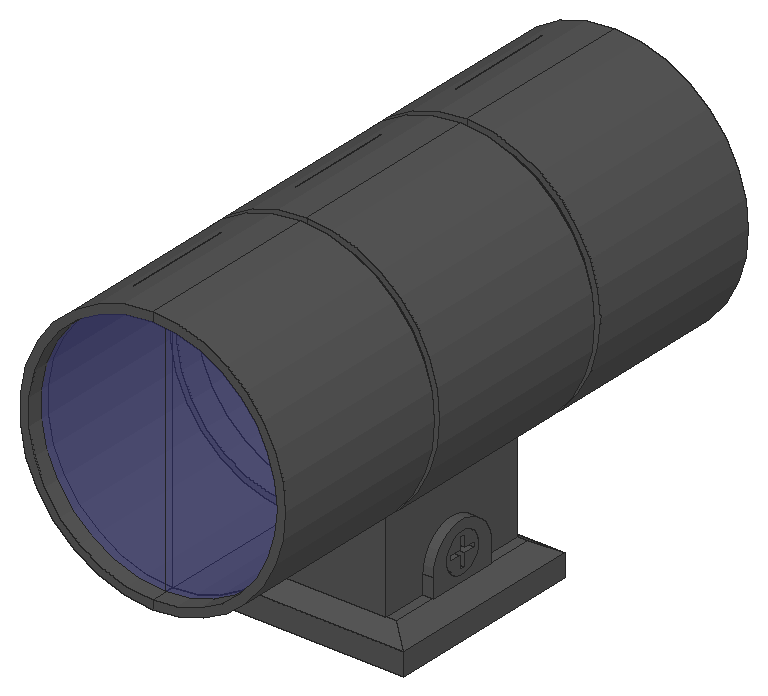
Revit family "CARLO CYLINDER LIGHT WALL MOUNT", category Lighting Fixtures, host Face, Revit 2020 (continued)
Types (10): name | Wattage_Input | Wattage Comments | Wattage | Photometric Web File | built-in parameter 1150142 | Model | built-in parameter 1150105 | Lumens | Light Length 1 | LIGHT RADIUS | LIGHT PLACEMENT | LIGHT LENGTH | LIGHT DIA | built-in parameter 1150106 | FIXED END HEIGHT | Curve base Height | Base Curve | BEAMING ANGLE | Apparent Load
    8 0.26605 0.29512 0.32515 \r\n 0.35534 0.38411 0.41394 0.44808 0.4827 0.51451 0.54524 0.57467 0.60538 0.64132 \r\n 0.67815 0.71226 0.74551 0.77793 0.81146 0.85148 0.89328 0.93348 0.97341 1.012 \r\n 1.0532 1.1017 1.1532 1.2041 1.2577 1.3174 1.3805 1.4453 1.513 1.5839 \r\n 1.6594 1.7404 1.8288 1.9282 2.0346 2.1419 2.2599 2.3978 2.5516 2.7181 \r\n 2.9048 3.1169 3.3573 3.6257 3.936 4.3024 4.7234 5.2044 5.7397 6.3288 \r\n 6.9613 7.6236 8.3246 9.0633 9.8554 10.732 11.646 12.545 13.47 14.438 \r\n 15.465 16.579 17.761 18.982 20.295 21.615 23.326 26.016 28.997 31.629 \r\n 34.356 37.443 40.786 43.771 48.203 54.94 66.213 86.215 109.91 132.89 \r\n 157.47 185.01 213.91 242.82 272.34 303.27 333.7 362.03 388.02 411.34 \r\n 430.69 444.03 453.21 458.82 462.57 466.58 470.29 473.85 477.21 480.3 \r\n 483.35 486.61 489.92 493.25 496.53 499.7 502.77 505.67 508.55 511.52 \r\n 514.63 518 521.62 525.43 529.67 534.55 540.08 546.12 553.22 561.79 \r\n 572.02 584.11 598.37 614.99 634.55 657.39 684.35 715.81 753.44 797.82 \r\n 852.63 924.03 1005.2 1090.7 1182.8 1278.4 1387.4 1520.6 1672 1840.6 \r\n 2022.2 2213.1 2410 2607.7 2807.9 3011 3216 3424.7 3630.4 3826.3 \r\n 4014.7 4196.7 4368.5 4525.7 4671.4 4807.8 4932.9 5046.8 5145.6 5222.8 \r\n 5286.5 5343.6 5392.2 5433.7 5465.3 5484 5492 5491.6 5480.2 5455.7 \r\n 5509.6 \r\n5444.5 5464.3 5456 5441.2 5416.3 5378.9 5326.8 5256.7 5169.6 5065 \r\n 4944.4 4808.5 4658.8 4497.2 4323.1 4135.4 3937.3 3730.3 3519 3309.2 \r\n 3098.7 2887.1 2675.1 2459.5 2251.7 2064.5 1891.5 1730.1 1581.8 1447.5 \r\n 1326.1 1215.8 1118.7 1038.7 968.86 901.82 842.51 794.67 754.5 719.42 \r\n 689.58 664.52 643.43 625.46 610.34 597.72 587.03 577.56 569.36 562.39 \r\n 556.22 550.28 544.9 540.38 536.29 532.37 528.51 524.41 520.34 516.5 \r\n 512.88 509.65 506.52 503.19 499.97 497.17 494.55 491.93 489.42 487.06 \r\n 484.92 483.24 481.54 479.39 476.81 473.46 469.94 468.15 463.92 453.22 \r\n 437.57 416.7 392 364.54 335.05 304.56 273.18 241.1 209.06 177.69 \r\n 147.46 118.31 92.451 72.575 57.114 45.53 37.43 32.754 29.963 27.337 \r\n 25.361 24.101 23.083 21.753 20.426 19.274 18.185 17.094 16.032 15.014 \r\n 14.017 13.019 12.03 11.037 10.09 9.2481 8.4632 7.6906 6.9774 6.3679 \r\n 5.8251 5.3209 4.8735 4.4998 4.1759 3.8848 3.6226 3.3763 3.1551 2.967 \r\n 2.8015 2.6503 2.515 2.3953 2.2878 2.1888 2.0976 2.0121 1.9328 1.861 \r\n 1.7923 1.7208 1.652 1.5909 1.5328 1.4744 1.4165 1.3571 1.3014 1.2566 \r\n 1.2156 1.1724 1.1305 1.0921 1.0543 1.0134 0.97332 0.93883 0.90525 0.86847 \r\n 0.83159 0.79694 0.76266 0.72551 0.69205 0.67116 0.65269 0.6273 0.60154 0.58312 \r\n 0.55931 0.5172 0.46503 0.40535 0.34231 0.27931 0.22103 0.17415 0.13596 0.11988 \r\n 0.11738 0.12549 0.14091 0.1592 0.1809 0.20643 0.23175 0.25887 0.28715 0.31717 \r\n 0.34748 0.37595 0.40522 0.43839 0.47203 0.50335 0.53362 0.56211 0.59199 0.62798 \r\n 0.66472 0.69738 0.72909 0.76102 0.7943 0.83503 0.87787 0.91898 0.96002 1.0002 \r\n 1.043 1.0929 1.1452 1.1952 1.2478 1.3082 1.3716 1.4333 1.4971 1.5654 \r\n 1.6377 1.7134 1.7967 1.8937 1.9978 2.1005 2.2128 2.3446 2.4904 2.645 \r\n 2.8183 3.0178 3.2465 3.5085 3.8082 4.148 4.5382 4.9931 5.5037 6.0704 \r\n 6.6783 7.3047 7.9727 8.6987 9.4797 10.33 11.214 12.091 12.993 13.938 \r\n 14.937 16.014 17.155 18.345 19.613 20.851 22.46 25.04 27.889 30.362 \r\n 32.89 35.687 38.753 41.861 45.904 50.448 59.236 77.944 100.34 120.82 \r\n 143.15 170.09 199.06 228.12 258.12 289.96 321.53 351.02 378.37 403.3 \r\n 424.61 440.81 452.56 459.14 463.15 467.07 470.54 474.15 477.57 480.55 \r\n 483.42 486.48 489.58 492.66 495.73 498.78 501.77 504.62 507.49 510.5 \r\n 513.64 516.88 520.35 524.11 528.31 533.13 538.55 544.45 551.33 559.61 \r\n 569.46 581.07 594.77 610.78 629.62 651.63 677.6 707.84 743.99 785.84 \r\n 839.15 913.33 997.1 1081.2 1168.9 1255.5 1355.2 1483.9 1632.2 1797.5 \r\n 1975.5 2161.7 2354.5 2550.3 2750.3 2955.1 3162.2 3370.5 3575.4 3771 \r\n 3959.6 4143.6 4317.8 4476.5 4624.4 4765 4895.2 5014.4 5118.2 5199.1 \r\n 5265.7 5324.4 5374.7 5418.9 5453.8 5476.4 5488 5489.3 5479.3 5457.6 \r\n 5509.6 \r\n5444.5 5455.2 5442.9 5424.9 5396.6 5354.5 5297.5 5223 5131.9 5023.8 \r\n 4899.8 4760.1 4606.5 4440.7 4262.9 4073.4 3873.9 3663.7 3449.8 3240.2 \r\n 3031.1 2821.3 2611.3 2397.1 2191.5 2008.5 1840.2 1682.6 1538.2 1408.6 \r\n 1291.8 1186 1092.1 1011.5 941.45 879.16 825.29 780.22 741.94 708.56 \r\n 680.16 656.49 636.63 619.64 605.32 593.31 583.09 574.01 566.11 559.29 \r\n 553.25 547.56 542.44 538.08 534.11 530.28 526.47 522.38 518.35 514.68 \r\n 511.24 508.06 504.91 501.46 498.11 495.25 492.63 490.08 487.69 485.45 \r\n 483.45 481.98 480.42 478.25 475.6 472.33 468.79 466.74 461.73 449.05 \r\n 431.25 409.03 383.3 354.96 324.73 293.56 261.75 229.75 198.03 167.04 \r\n 137.31 108.79 83.613 64.106 49.59 41.033 35.831 31.621 28.657 26.451 \r\n 24.861 23.665 22.614 21.288 19.97 18.846 17.791 16.731 15.689 14.664 \r\n 13.658 12.676 11.708 10.726 9.7896 8.9686 8.2069 7.4536 6.7618 6.1838 \r\n 5.6718 5.187 4.7545 4.3946 4.0826 3.8012 3.5489 3.3167 3.1085 2.9275 \r\n 2.7663 2.6178 2.4839 2.3654 2.2587 2.1603 2.0698 1.986 1.9083 1.8366 \r\n 1.768 1.6981 1.6305 1.5679 1.5079 1.4493 1.3916 1.3316 1.2757 1.2313 \r\n 1.1916 1.1515 1.1127 1.0765 1.0398 0.99773 0.9566 0.92353 0.89144 0.85394 \r\n 0.81604 0.78166 0.74775 0.70957 0.67605 0.65975 0.64491 0.61532 0.58492 0.56975 \r\n 0.54734 0.49275 0.42944 0.37702 0.32212 0.25066 0.18448 0.14675 0.11943 0.097033 \r\n 0.086864 0.097696 0.11965 0.14756 0.17603 0.20098 0.22489 0.25082 0.27816 0.30806 \r\n 0.3384 0.36648 0.39514 0.42737 0.46007 0.49083 0.52058 0.54827 0.57744 0.61333 \r\n 0.64979 0.68102 0.71126 0.74278 0.77584 0.81678 0.86011 0.90181 0.9438 0.9858 \r\n 1.0303 1.0813 1.1341 1.1833 1.2351 1.2961 1.3593 1.4181 1.4783 1.5438 \r\n 1.6132 1.6839 1.7623 1.8565 1.9577 2.0561 2.163 2.2886 2.4265 2.5697 \r\n 2.7306 2.9181 3.1355 3.3905 3.6791 3.993 4.3529 4.7801 5.2643 5.8091 \r\n 6.3934 6.985 7.6209 8.3347 9.1045 9.927 10.781 11.636 12.517 13.437 \r\n 14.408 15.446 16.546 17.705 18.93 20.089 21.594 24.042 26.746 29.089 \r\n 31.454 33.974 36.776 40.01 43.737 46.446 53.005 70.082 90.772 108.77 \r\n 128.94 155.19 184.11 213.29 243.71 276.32 308.87 339.4 368 394.44 \r\n 417.67 436.7 451.09 458.96 463.56 467.51 470.79 474.42 477.85 480.74 \r\n 483.46 486.32 489.2 492.06 494.92 497.85 500.77 503.58 506.44 509.5 \r\n 512.66 515.78 519.11 522.81 526.97 531.7 537.01 542.74 549.4 557.36 \r\n 566.8 577.89 590.97 606.3 624.36 645.49 670.38 699.32 733.86 773.17 \r\n 824.7 900.67 985.92 1068 1151.1 1229.4 1320.8 1444.9 1589.7 1751.1 \r\n 1925.1 2106.4 2295.1 2489.2 2688.9 2895.4 3104.1 3311.7 3515.6 3711.1 \r\n 3900.5 4086.4 4263.1 4423.6 4573.7 4718.5 4853.7 4978.3 5087.3 5172.5 \r\n 5242.6 5303.7 5355.9 5403 5441.1 5467.6 5482.9 5486.1 5478 5459.2 \r\n 5509.6 \r\n5444.5 5446.1 5429.2 5407 5374.4 5326.8 5264 5184 5087.6 4974.5 \r\n 4845.9 4702.4 4544.9 4374.1 4191.6 3999.1 3797.2 3584.7 3369.1 3159.1 \r\n 2950.6 2742.3 2534.6 2323.7 2122.1 1943.6 1780.3 1627.6 1488.8 1367.1 \r\n 1258 1157.6 1067.1 985.75 914.82 856.4 807.16 764.7 728.41 696.93 \r\n 670.18 647.93 629.26 613.27 599.74 588.33 578.6 570.06 562.61 556.04 \r\n 550.22 544.92 540.17 536.04 532.23 528.52 524.82 520.83 516.92 513.4 \r\n 510.09 506.93 503.75 500.2 496.75 493.82 491.15 488.59 486.18 483.92 \r\n 481.84 480.18 478.42 476.12 473.35 470.13 466.22 462.62 455.59 440.78 \r\n 420.99 397.32 370.51 341.46 310.74 279.03 246.91 215.03 183.91 154.33 \r\n 126.18 98.709 74.626 56.695 43.986 37.599 34.214 30.492 27.593 25.731 \r\n 24.41 23.228 22.119 20.817 19.532 18.427 17.386 16.344 15.315 14.288 \r\n 13.279 12.309 11.359 10.399 9.4848 8.6811 7.9378 7.2095 6.5452 5.9948 \r\n 5.5095 5.0497 4.6383 4.2915 3.99 3.7207 3.4806 3.2621 3.0663 2.8938 \r\n 2.7387 2.5948 2.4643 2.3484 2.2437 2.1475 2.0588 1.976 1.8989 1.8274 \r\n 1.7589 1.6903 1.6238 1.5605 1.4997 1.4413 1.3843 1.3256 1.2703 1.2242 \r\n 1.1828 1.1443 1.1074 1.071 1.0335 0.99078 0.949 0.91507 0.88224 0.84461 \r\n 0.80661 0.77175 0.73773 0.70097 0.66881 0.65234 0.63661 0.60588 0.57353 0.55492 \r\n 0.5284 0.46876 0.40199 0.35164 0.29989 0.22812 0.16231 0.13024 0.10798 0.078942 \r\n 0.061176 0.071955 0.097064 0.13327 0.16491 0.18958 0.21215 0.23687 0.26314 0.29269 \r\n 0.32277 0.35009 0.37796 0.4097 0.44192 0.47189 0.50088 0.52812 0.55691 0.59233 \r\n 0.62823 0.65863 0.68807 0.71919 0.75173 0.79142 0.83352 0.87455 0.91654 0.96009 \r\n 1.006 1.0565 1.1083 1.1575 1.2093 1.27 1.3324 1.3896 1.4478 1.5116 \r\n 1.579 1.6472 1.7226 1.8137 1.9117 2.0073 2.1109 2.2315 2.3635 2.5 \r\n 2.6534 2.8325 3.0406 3.2868 3.5636 3.859 4.1962 4.596 5.0537 5.5814 \r\n 6.1493 6.7159 7.3286 8.0333 8.7932 9.5882 10.414 11.256 12.126 13.025 \r\n 13.969 14.975 16.043 17.181 18.378 19.491 20.922 23.229 25.802 28.135 \r\n 30.478 32.835 35.434 38.623 42.05 43.844 48.909 63.546 81.69 97.819 \r\n 116.61 142.06 170.66 199.97 230.73 263.56 296.46 327.62 357.13 384.82 \r\n 409.7 431.12 447.94 457.74 463.67 467.86 470.93 474.41 477.69 480.56 \r\n 483.26 485.99 488.71 491.43 494.19 497.04 499.92 502.74 505.62 508.7 \r\n 511.86 514.93 518.19 521.84 525.92 530.56 535.74 541.3 547.73 555.4 \r\n 564.47 575.12 587.67 602.38 619.72 640.05 664 691.8 724.94 762.42 \r\n 811.9 885.86 968.87 1048.1 1128.1 1203 1290.7 1411.5 1552.9 1710.5 \r\n 1880.7 2058.2 2243.8 2437.4 2637.4 2843.8 3052.2 3258.2 3460.8 3656.9 \r\n 3847.6 4035.3 4213.9 4375.8 4527.6 4674.9 4813.2 4941.9 5055.5 5145.7 \r\n 5220.4 5284.2 5338.6 5387.8 5428.2 5457.7 5476 5481.5 5475.7 5459.8 \r\n 5509.6 \r\n5444.5 5437 5415.1 5387.9 5350 5296.3 5227 5140.4 5037.4 4917.7 \r\n 4783.2 4635.8 4474.6 4298.1 4109.8 3913 3708 3494 3277.7 3066.7 \r\n 2857.9 2650.5 2445.5 2239.6 2043.8 1870.1 1711.9 1565.2 1433.8 1322.9 \r\n 1224.2 1130.2 1043.2 961.2 889.15 833.65 788.14 748.1 713.91 684.55 \r\n 659.67 638.87 621.37 606.36 593.64 582.82 573.62 565.75 558.92 552.72 \r\n 547.23 542.41 538.13 534.29 530.69 527.14 523.57 519.79 516.07 512.67 \r\n 509.42 506.26 503.04 499.42 495.88 492.9 490.16 487.49 484.93 482.49 \r\n 480.13 477.89 475.57 473.04 470.09 466.83 462.17 455.78 445.54 428.51 \r\n 406.92 381.72 353.78 324.22 293.25 261.15 228.87 197.16 166.91 139.71 \r\n 114.19 88.21 65.661 50.491 40.405 35.256 32.542 29.335 26.764 25.162 \r\n 23.985 22.773 21.599 20.34 19.112 18.015 16.971 15.932 14.908 13.885 \r\n 12.883 11.92 10.984 10.056 9.1755 8.3857 7.6558 6.9584 6.3272 5.7998 \r\n 5.3369 4.9076 4.5237 4.1899 3.8976 3.6428 3.4174 3.2119 3.0276 2.8646 \r\n 2.7176 2.5804 2.4553 2.3435 2.2421 2.1497 2.064 1.9817 1.9043 1.8328 \r\n 1.7647 1.6971 1.6314 1.5684 1.5079 1.4503 1.3944 1.3386 1.2849 1.2348 \r\n 1.1891 1.1504 1.1139 1.0753 1.0353 0.99247 0.95032 0.91317 0.87735 0.84023 \r\n 0.80306 0.76699 0.73241 0.69942 0.66996 0.64856 0.62746 0.59878 0.56734 0.53878 \r\n 0.50283 0.44591 0.38359 0.32989 0.27599 0.21221 0.15515 0.12488 0.10133 0.065996 \r\n 0.04112 0.048035 0.071907 0.11074 0.14735 0.17214 0.1936 0.2172 0.24233 0.27126 \r\n 0.30074 0.32698 0.3539 0.38562 0.41782 0.44683 0.47483 0.50197 0.5307 0.5653 \r\n 0.60036 0.6306 0.65997 0.69065 0.7226 0.75964 0.79889 0.83802 0.87907 0.92381 \r\n 0.97076 1.019 1.0686 1.1184 1.1711 1.2306 1.2916 1.3485 1.4066 1.4697 \r\n 1.5363 1.6044 1.679 1.7666 1.861 1.9555 2.0579 2.175 2.3032 2.4378 \r\n 2.5888 2.7631 2.9641 3.1995 3.464 3.7486 4.0714 4.445 4.8769 5.3922 \r\n 5.9506 6.5025 7.1014 7.7998 8.5505 9.3192 10.12 10.959 11.827 12.707 \r\n 13.627 14.61 15.657 16.784 17.969 19.071 20.461 22.622 25.083 27.518 \r\n 29.974 32.293 34.762 37.727 40.859 42.652 46.978 58.467 73.329 88.246 \r\n 106.43 130.99 158.96 188.34 219.29 251.78 284.4 315.74 345.81 374.44 \r\n 400.68 423.97 442.93 455.25 463.24 467.93 470.86 474.07 477.04 479.98 \r\n 482.81 485.48 488.12 490.81 493.56 496.39 499.26 502.13 505.05 508.12 \r\n 511.26 514.35 517.62 521.2 525.19 529.73 534.77 540.16 546.37 553.79 \r\n 562.55 572.82 584.93 599.07 615.77 635.43 658.59 685.44 717.38 753.8 \r\n 801.01 869.18 946.17 1022.1 1100.5 1176.6 1265.6 1384.4 1522.6 1676.6 \r\n 1843.2 2017.8 2201.7 2395.8 2596.4 2801 3006.9 3210.5 3411.5 3608.7 \r\n 3801.5 3990.7 4170.6 4333.6 4486.5 4634.6 4774.3 4905.6 5022.9 5118.6 \r\n 5198.8 5266 5322.7 5373.3 5414.9 5446.5 5467.2 5475.4 5472.4 5459.3 \r\n 5509.6 \r\n5444.5 5428.3 5401.3 5369 5325.6 5265.7 5189.8 5096.5 4986.8 4860.6 \r\n 4720.3 4569.1 4404.1 4221.9 4028.1 3826.9 3618.8 3403.9 3187.6 2975.5 \r\n 2766.2 2559.7 2357.2 2156.6 1967 1798.2 1645 1504.2 1380.1 1280 \r\n 1191.6 1103.9 1020.4 938.05 865.14 812.2 769.93 732.16 699.99 672.67 \r\n 649.61 630.15 613.74 599.66 587.7 577.45 568.77 561.56 555.34 549.53 \r\n 544.38 540.05 536.22 532.66 529.27 525.87 522.45 518.9 515.39 512.09 \r\n 508.87 505.69 502.42 498.76 495.18 492.14 489.31 486.52 483.78 481.11 \r\n 478.41 475.53 472.56 469.76 466.54 463.03 457.35 447.79 434.05 414.81 \r\n 391.52 364.86 335.88 305.92 274.82 242.45 210.13 178.71 149.47 124.88 \r\n 102.27 78.081 57.343 45.147 37.728 33.449 31.006 28.275 26.074 24.682 \r\n 23.594 22.335 21.089 19.878 18.711 17.617 16.564 15.525 14.504 13.488 \r\n 12.494 11.537 10.614 9.7209 8.8758 8.0992 7.3819 6.7162 6.1184 5.6116 \r\n 5.1683 4.7692 4.4132 4.0918 3.8084 3.5676 3.3565 3.163 2.9893 2.8357 \r\n 2.6967 2.5666 2.4473 2.3395 2.2415 2.1533 2.0707 1.9887 1.9107 1.8395 \r\n 1.7718 1.705 1.6403 1.5778 1.5178 1.4609 1.4062 1.3535 1.3016 1.2473 \r\n 1.1967 1.1574 1.1207 1.0791 1.0364 0.99357 0.95129 0.91055 0.87138 0.83496 \r\n 0.79888 0.76153 0.72628 0.69737 0.67067 0.64323 0.61573 0.58961 0.55965 0.52001 \r\n 0.47391 0.42185 0.36615 0.30826 0.25134 0.19766 0.15132 0.12168 0.095262 0.055584 \r\n 0.024337 0.025603 0.045977 0.086668 0.12792 0.15341 0.17449 0.19721 0.22121 0.2493 \r\n 0.27795 0.30309 0.32913 0.3609 0.39315 0.42122 0.44828 0.47544 0.50419 0.53785 \r\n 0.57199 0.60222 0.63168 0.662 0.69335 0.72781 0.7642 0.80133 0.84129 0.88707 \r\n 0.93482 0.98058 1.0277 1.0783 1.1321 1.1902 1.2497 1.3066 1.3649 1.4276 \r\n 1.4937 1.5624 1.6367 1.7208 1.8114 1.9051 2.0067 2.1207 2.2456 2.3796 \r\n 2.5292 2.6996 2.894 3.118 3.3698 3.6457 3.9566 4.3054 4.7123 5.215 \r\n 5.7642 6.3042 6.8916 7.5825 8.3226 9.0663 9.844 10.681 11.548 12.411 \r\n 13.31 14.272 15.301 16.417 17.592 18.692 20.051 22.061 24.405 26.95 \r\n 29.539 31.865 34.25 36.971 39.857 41.982 45.882 54.193 65.688 79.501 \r\n 97.18 120.76 147.92 177.13 208.02 239.95 272.09 303.42 333.85 363.27 \r\n 390.7 415.61 436.57 451.58 461.93 467.45 470.51 473.52 476.21 479.26 \r\n 482.25 484.91 487.49 490.19 492.96 495.79 498.67 501.58 504.55 507.59 \r\n 510.7 513.83 517.12 520.64 524.52 528.95 533.85 539.06 545.06 552.21 \r\n 560.64 570.54 582.19 595.75 611.78 630.74 653.07 678.94 709.68 745.15 \r\n 789.94 851.26 921.18 993.28 1070.3 1149 1240.5 1357.2 1491.6 1641.5 \r\n 1804.3 1976 2158.1 2352.6 2553.5 2755.8 2958.6 3159.6 3359 3557.6 \r\n 3752.6 3943.2 4124.5 4288.9 4443.1 4591.8 4732.5 4866.2 4987.1 5088.6 \r\n 5174.7 5245.8 5305.5 5357.7 5400.6 5434.1 5457.2 5468.4 5468.6 5458.3 \r\n 5509.6 \r\n5444.5 5420 5388.1 5350.8 5302 5235.8 5153.5 5053.8 4937.8 4805.4 \r\n 4659.5 4504.4 4335.8 4148.4 3949.3 3744 3533 3318 3102.1 2889.2 \r\n 2679.4 2473.4 2273 2077.8 1894.3 1730.2 1581.8 1446.7 1329.5 1239.1 \r\n 1160.1 1078.3 998.32 916.22 843.08 792.43 752.95 717.28 687.02 661.61 \r\n 640.23 622.01 606.58 593.37 582.13 572.42 564.24 557.64 552 546.57 \r\n 541.75 537.87 534.46 531.14 527.93 524.68 521.41 518.09 514.78 511.56 \r\n 508.35 505.14 501.83 498.16 494.56 491.47 488.57 485.65 482.73 479.82 \r\n 476.75 473.2 469.57 466.47 462.89 458.85 451.88 439 421.72 400.32 \r\n 375.46 347.47 317.58 287.31 256.18 223.67 191.44 160.43 132.31 110.36 \r\n 90.711 68.615 49.947 40.698 35.775 32.07 29.62 27.316 25.497 24.265 \r\n 23.221 21.909 20.598 19.433 18.326 17.235 16.169 15.128 14.108 13.101 \r\n 12.119 11.169 10.258 9.3991 8.589 7.8257 7.1211 6.4863 5.9208 5.4322 \r\n 5.0061 4.6355 4.3063 3.9973 3.7226 3.495 3.297 3.1142 2.9501 2.8052 \r\n 2.674 2.5508 2.4373 2.3333 2.2385 2.1543 2.075 1.9933 1.9147 1.8439 \r\n 1.7768 1.7108 1.6469 1.585 1.5256 1.4694 1.4158 1.3661 1.3158 1.2578 \r\n 1.2025 1.1622 1.1247 1.0799 1.0343 0.99165 0.94947 0.90527 0.86287 0.82727 \r\n 0.79241 0.75385 0.71792 0.69285 0.66862 0.63485 0.60076 0.57721 0.54888 0.49842 \r\n 0.44268 0.39658 0.3485 0.28645 0.22645 0.18365 0.14863 0.11878 0.088775 0.045972 \r\n 0.0109 0.0060592 0.021325 0.062655 0.10756 0.1344 0.15609 0.17828 0.20123 0.22825 \r\n 0.2558 0.27994 0.30525 0.33704 0.36933 0.39657 0.42281 
    0.45004 0.47882 0.51151 \r\n 0.5447 0.57498 0.60463 0.63466 0.66544 0.69819 0.7319 0.76722 0.80611 0.85273 \r\n 0.90109 0.94441 0.98915 1.0406 1.0954 1.1522 1.2102 1.2672 1.326 1.3884 \r\n 1.4543 1.5237 1.598 1.6785 1.7652 1.8581 1.9591 2.0703 2.1924 2.326 \r\n 2.4746 2.6414 2.8292 3.0415 3.2806 3.5488 3.8493 4.1753 4.5586 5.0476 \r\n 5.5862 6.1156 6.6925 7.3735 8.1009 8.8213 9.5781 10.412 11.277 12.126 \r\n 13.006 13.95 14.961 16.065 17.229 18.335 19.668 21.526 23.748 26.38 \r\n 29.091 31.459 33.806 36.294 38.986 41.635 45.337 50.677 58.949 71.664 \r\n 88.767 111.29 137.48 166.2 196.68 227.92 259.48 290.63 321.25 351.29 \r\n 379.75 406.03 428.83 446.59 459.5 466.21 469.76 472.74 475.24 478.43 \r\n 481.6 484.28 486.85 489.59 492.39 495.24 498.13 501.08 504.07 507.08 \r\n 510.15 513.33 516.66 520.11 523.88 528.18 532.94 537.98 543.76 550.62 \r\n 558.71 568.21 579.37 592.32 607.65 625.85 647.3 672.13 701.61 736.13 \r\n 778.41 832.46 894.84 962.84 1038.3 1120.2 1214.7 1328.8 1458.8 1604.2 \r\n 1762.7 1931.3 2111.4 2305.7 2506.3 2705.8 2905.5 3103.9 3302 3501.8 \r\n 3698.9 3890.9 4073.7 4240 4396 4545.5 4687.3 4823.2 4947.5 5054.9 \r\n 5147.1 5222.9 5286.1 5340.4 5384.9 5420.5 5445.9 5460.4 5464.1 5457 \r\n 5509.6 \r\n5444.5 5412.5 5376 5333.8 5279.8 5207.8 5119.3 5013.7 4892 4754.1 \r\n 4603.2 4444.3 4272 4080 3876.5 3667.5 3454.2 3239.4 3024.5 2811.1 \r\n 2600.9 2395.2 2196.3 2005.9 1828.2 1668.6 1524.8 1394.9 1283.6 1201.1 \r\n 1129.6 1053 976.47 895.65 823.26 774.73 737.57 703.84 675.37 651.67 \r\n 631.79 614.65 600.09 587.68 577.11 567.92 560.21 554.15 549.01 543.94 \r\n 539.45 535.94 532.85 529.73 526.65 523.54 520.42 517.3 514.16 511 \r\n 507.78 504.53 501.17 497.53 493.95 490.84 487.87 484.85 481.77 478.63 \r\n 475.19 471.06 466.8 463.38 459.33 454.42 445.85 429.76 409.14 385.73 \r\n 359.43 330.27 299.64 269.14 238.06 205.53 173.53 143.08 116.15 96.656 \r\n 79.821 60.1 43.747 37.177 34.369 31.011 28.401 26.465 25.005 23.885 \r\n 22.851 21.493 20.133 19.011 17.958 16.867 15.79 14.747 13.729 12.733 \r\n 11.765 10.822 9.9238 9.096 8.3183 7.5691 6.8779 6.2726 5.7367 5.2639 \r\n 4.8525 4.5074 4.2027 3.9062 3.6406 3.4247 3.2379 3.0643 2.9084 2.7713 \r\n 2.6472 2.5305 2.4223 2.3217 2.2296 2.1493 2.0729 1.9916 1.9127 1.8424 \r\n 1.7762 1.711 1.6479 1.5866 1.5279 1.4723 1.4196 1.3721 1.3232 1.2623 \r\n 1.2033 1.1615 1.1227 1.0749 1.0267 0.98431 0.94241 0.89538 0.85034 0.8156 \r\n 0.78195 0.74243 0.7059 0.68391 0.66148 0.62196 0.58192 0.56041 0.53343 0.47381 \r\n 0.41016 0.37009 0.32947 0.26416 0.20182 0.16937 0.14487 0.1143 0.080845 0.036916 \r\n 0.0008805 0 0 0.040327 0.087212 0.11614 0.13969 0.1618 0.18385 0.20954 \r\n 0.23572 0.25903 0.28386 0.31556 0.34777 0.37439 0.40001 0.4273 0.45607 0.48782 \r\n 0.52009 0.55041 0.58024 0.61005 0.64035 0.67214 0.70443 0.73846 0.77647 0.82368 \r\n 0.8724 0.91367 0.95644 1.0086 1.0643 1.1199 1.1765 1.2336 1.2926 1.3549 \r\n 1.4207 1.4908 1.5648 1.6419 1.7249 1.8167 1.9169 2.0254 2.1449 2.2777 \r\n 2.4249 2.5877 2.7688 2.9693 3.1956 3.4563 3.747 4.053 4.4148 4.8876 \r\n 5.4126 5.9312 6.4975 7.165 7.8766 8.5762 9.3145 10.142 11.003 11.84 \r\n 12.706 13.633 14.627 15.714 16.864 17.978 19.287 20.998 23.089 25.755 \r\n 28.546 30.98 33.339 35.635 38.191 41.414 45.06 47.867 53.295 64.817 \r\n 81.119 102.51 127.59 155.38 185.04 215.51 246.49 277.33 307.98 338.51 \r\n 367.83 395.25 419.69 440.13 455.69 464.01 468.53 471.73 474.16 477.53 \r\n 480.87 483.6 486.21 489.01 491.86 494.74 497.64 500.6 503.58 506.55 \r\n 509.59 512.82 516.18 519.57 523.23 527.4 531.99 536.87 542.43 548.99 \r\n 556.71 565.77 576.41 588.7 603.26 620.62 641.11 664.82 692.95 726.41 \r\n 766.14 813.11 868.11 931.84 1005.6 1090.5 1187.6 1298.3 1423 1563.3 \r\n 1717.1 1882.3 2059.7 2252.9 2452.4 2649 2845.6 3041.8 3238.8 3439.7 \r\n 3638.6 3832 4016.4 4185.4 4343.9 4494.8 4638 4776 4903.8 5016.9 \r\n 5115.3 5196.4 5263.9 5321 5367.7 5405.5 5433.5 5451.5 5459.1 5455.6 \r\n 5509.6 \r\n" | "CCL6-13-35SPSW8-PC-25-WM-BK" | 230.77 (stored number, unit not read) | 2900 lm | 0' - 4.33333" | 0' - 3" | 0' - 5 53/128" | 1' - 1" | 0' - 6" | 2.3077 (stored number, unit not read) | 0' - 8 53/128" | 0' - 2 27/32" | 0' - 2 179/256" | 25.00° | 43.75 VA
